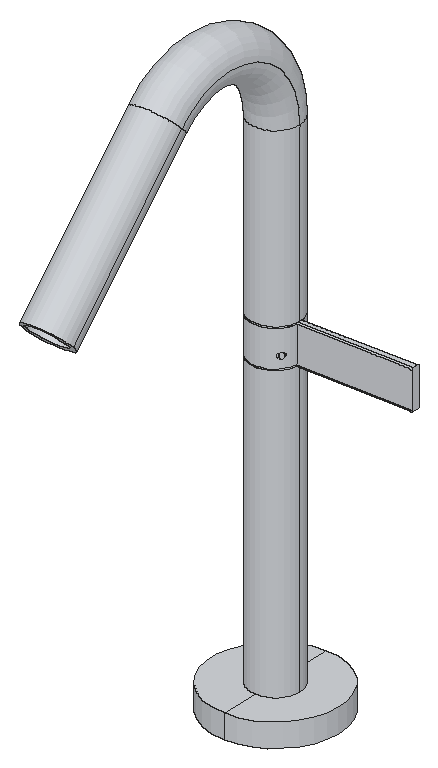
Revit family "Faucet-Lavatory-KOHLER-STILLNESS-K-985T", category Plumbing Fixtures, host Face, Revit 2017
Family settings
  Host = Face
  Round Connector Dimension = Use Diameter
  Part Type = Normal
  OmniClass Number = 23.31.11.00
  OmniClass Title = Faucets
  Cut with Voids When Loaded = No
  Shared = No
  Room Calculation Point = No
Parameters (values of type "CP-Polished Chrome")
  Width = 2 83/256"  # constant formula
  WaterSense Certified = 1 = 0  # no
  Waste Water Outlet = "Waste Water Outlet"  # constant formula
  Waste Connection = 1 = 0  # no
  Vent Connection = 1 = 0  # no
  URL = "http://www.kohler.com.cn/"
  Type = 1
  Spout Reach = 5 15/64"  # constant formula
  Product Page URL = "https://www.kohler.com.cn/product/K-985T-4-CP/K-985T-4-CP/"
  Product Name = "STILLNESS"  # constant formula
  Product Documentation Link = "https://files.kohler.com.cn/pdfs/979-985T-A.pdf"
  Pressure = 0.00 psi
  Model = "K-985T-4-CP"  # constant formula
  Material = "Premium Metal Construction"  # constant formula
  Master Format 2014 Name = "Residential Faucets, Supplies, and Trim"  # constant formula
  Master Format 2014 = "22 41 39"  # constant formula
  Manufacturer Address = "Kohler Beijing Office (100016) 36-2-03-B, No. 88, Liuxiang Road, Beijing"  # constant formula
  Manufacturer = "KOHLER Co."  # constant formula
  Length = Spout Reach  # 5 15/64"
  Hot Water Inlet = "Hot Water Inlet"  # constant formula
  Height = 11.65354"  # constant formula
  Handle Clearance = 2 143/256"  # constant formula
  HW Connection = 1 = 1  # yes
  Flow Rate = 0 GPM
  Finish = Kohler-Metal-CP-Polished_Chrome
  Environmental Product Declaration = ""
  Drain Included = 1 = 1  # yes
  Description = "single lever bowl mixer"  # constant formula
  Default Elevation = 36"
  Declare Label = ""
  Date Modified = "02/25/2021"  # constant formula
  Date Created = "02/25/2021"  # constant formula
  Copyright = "Copyright KOHLER Co."  # constant formula
  Contact Us = "http://www.kohler.com.cn/contact/contact-us/"
  Cold Water Inlet = "Cold Water Inlet"  # constant formula
  CW Connection = 1 = 1  # yes
  Assembly Code = "D2010"
  ADA Compliant = 1 = 0  # no
Reference planes (in)
  plane 1 "Center (Front/Back)": y = 0
  plane 2: z = 0
  plane 3 "Center (Left/Right)": x = 0
  plane 4: y = 1.1611
  plane 5: y = -1.1611
  plane 6: y = 0.45291
  plane 7: y = -0.45291
  plane 8: z = 8.32589
  plane 9: y = -5.23438
  plane 10: z = 11.65354
  plane 11: y = -5.52351
  plane 12: z = 0.43324
  plane 13: x = 1.16142
  plane 14: x = 0.75563
  plane 15: x = -0.75563
  plane 16: x = -1.1628
  plane 17: z = 5.77559
  plane 18: z = 6.48425
  plane 19: x = 2.55859
  plane 20: x = 0.45365
  plane 21: x = -0.45364
Dimensions and locks (in)
  "Height": plane 10 to level
  "Spout Reach": plane 1 "Center (Front/Back)" to plane 9
  "Width": plane 13 to plane 16
  "Handle Clearance": plane 19 to plane 3 "Center (Left/Right)"
  aligned and locked: plane 2 to host face
  aligned and locked: level to host face
Automatic sketch dimensions
  host sketch curve to host sketch curve = 96"  (x2)
Nested families (in)
  nested 1: "K-985T" at (0, 0, 0), type "K-985T"
Connectors (in)
  piping at (-0.75563, 0, 0), diameter 0.5, driven by "HW Connection", driven by "Hot Water Inlet"
    settings: on nested 1, index 1, connector inside diameter 24", connector length 0", flow factor 0, pipe flow 0 GPM, pressure drop 0.00 psi, fitting loss kfactor 0, connector angle 0.00°, fixture units 0, engagement length 0", angle of deflection 0.00°, flow configuration 0, flow direction 1, fitting loss method 0, system type 19, joint type 0, gender type 0, connector reference index -1, connector utility 1, adjustable connector no, is connector primary yes, connector description "Hot Water Inlet"
  piping at (0.75563, 0, 0), diameter 0.5, driven by "CW Connection", driven by "Cold Water Inlet"
    settings: on nested 1, index 2, connector inside diameter 24", connector length 0", flow factor 0, pipe flow 0 GPM, pressure drop 0.00 psi, fitting loss kfactor 0, connector angle 0.00°, fixture units 0, engagement length 0", angle of deflection 0.00°, flow configuration 0, flow direction 1, fitting loss method 0, system type 20, joint type 0, gender type 0, connector reference index -1, connector utility 1, adjustable connector no, is connector primary no, connector description "Cold Water Inlet"
Definition of nested family "K-985T"
  Parameters (values of type "K-985T")
    Material = none
  Reference planes (in)
    plane 1 "Center (Front/Back)": y = 0
    plane 2: z = 0
    plane 3 "Center (Left/Right)": x = 0
    plane 4: y = 1.1611
    plane 5: y = -1.1611
    plane 6: y = 0.45291
    plane 7: y = -0.45291
    plane 8: z = 0.43324
    plane 9: z = 8.32589
    plane 10: y = -5.23622
    plane 11: x = -1.16142
    plane 12: x = 1.16142
    plane 13: z = 11.65354
    plane 14: z = 6.48425
    plane 15: z = 5.77559
    plane 16: x = 2.55906
    plane 17: y = -5.52351
    plane 18: x = -0.75563
    plane 19: x = 0.75563
  Forms (in)
    Revolve 1, solid, material <- "Material", detail levels medium+fine
      sketch origin (0, 0, 0) x (0, 1, 0) y (0, 0, 1)
        loop
          line (0, 0) -> (1.1611, 0) -> (1.1611, 0.43324) -> (0, 0.43324) -> (0, 0)
        axis (0, 0.43324) -> (0, 0)
      angle from 0 to 360
    Sweep 2, solid, material <- "Material", detail levels medium+fine
      path origin (0, 0, 0) x (0, 1, 0) y (0, 0, 1)
        loop
          line (0, 0.43324) -> (0, 9.69396)
          arc (0, 9.69396) -> (-0.97215, 11.14889) -> (-2.68836, 10.80752) r 1.5748
          line (-2.68836, 10.80752) -> (-5.16999, 8.32589)
      profile origin (0, 0, 5.0636) x (0, -1, 0) y (1, 0, 0)
        loop
          circle (0, 0) r 0.45365
    Extrusion 3, void
      sketch origin (0, 4.22094, 5.91355) x (1, 0, 0) y (0, -0.706815, 0.707398)
        loop
          circle (-0.00746, 8.37156) r 0.37402
      from 4.29037 to 5.58741
    Extrusion 4, solid, material <- "Material", detail levels medium+fine
      sketch origin (0, 0, 0) x (0, 1, 0) y (0, 0, 1)
        loop
          arc (0.04865, 5.77559) -> (0.06297, 5.78152) -> (0.0689, 5.79584) r 0.02025
          line (0.0689, 5.79584) -> (0.0689, 6.4642)
          arc (0.0689, 6.4642) -> (0.06302, 6.47838) -> (0.04884, 6.48425) r 0.02006
          line (0.04884, 6.48425) -> (-0.04917, 6.48425)
          arc (-0.04917, 6.48425) -> (-0.06312, 6.47847) -> (-0.0689, 6.46453) r 0.01972
          line (-0.0689, 6.46453) -> (-0.0689, 5.79519)
          arc (-0.0689, 5.79519) -> (-0.06316, 5.78133) -> (-0.0493, 5.77559) r 0.0196
          line (-0.0493, 5.77559) -> (0.04865, 5.77559)
      from 0.24309 to 2.55906
    Revolve 5, void
      sketch origin (0, 0, 0) x (0, 1, 0) y (0, 0, 1)
        loop
          line (0.43676, 5.77079) -> (0.46889, 5.77079) -> (0.46889, 5.80232) -> (0.43676, 5.80232) -> (0.43676, 5.77079)
        axis (0, 5.80232) -> (0, 5.76295)
      angle from 0 to 360
    Revolve 6, void
      sketch origin (0, 0, 12.25971) x (0, 1, 0) y (0, 0, -1)
        loop
          line (0.43676, 5.76772) -> (0.46889, 5.76772) -> (0.46889, 5.79925) -> (0.43676, 5.79925) -> (0.43676, 5.76772)
        axis (0, 5.79925) -> (0, 5.75988)
      angle from 0 to 360
    Revolve 7, solid, material <- "Material", detail levels coarse
      sketch origin (0, 0, 0) x (0, 1, 0) y (0, 0, 1)
        loop
          line (0, 0) -> (1.1811, 0) -> (1.1811, 0.47153) -> (0, 0.47153) -> (0, 0)
        axis (0, 0.47153) -> (0, 0)
      angle from 0 to 360
    Sweep 8, solid, material <- "Material", detail levels coarse
      path origin (0, 0, 0) x (0, 1, 0) y (0, 0, 1)
        loop
          line (0, 0.43324) -> (0, 9.48836)
          arc (0, 9.48836) -> (-1.1667, 11.08366) -> (-3.04056, 10.45532) r 1.67404
          line (-3.04056, 10.45532) -> (-5.26767, 8.22821)
      profile origin (0, 0, 4.9608) x (0, -1, 0) y (1, 0, 0)
        loop
          circle (0, 0) r 0.48551
    Extrusion 9, solid, material <- "Material", detail levels coarse
      sketch origin (0, 0, 0) x (1, 0, 0) y (0, 0, 1)
        loop
          line (0.45697, 6.52912) -> (0.45697, 5.74171) -> (2.62232, 5.74171) -> (2.62232, 6.52912) -> (0.45697, 6.52912)
      from -0.0689 to 0.0689
    Extrusion 10, solid, material <- "Material"
      sketch origin (0, 0, 0) x (1, 0, 0) y (0, 1, 0)
        loop
          circle (-0.75563, 0) r 0.11332
      from 0 to 0.18618
    Extrusion 11, solid, material <- "Material"
      sketch origin (0, 0, 0) x (-1, 0, 0) y (0, -1, 0)
        loop
          circle (-0.75563, 0) r 0.11332
      from 0 to 0.18618
    Extrusion 12, solid
      sketch origin (0, 0, 0) x (0, 1, 0) y (0, 0, 1)
        loop
          circle (-0.28844, 6.01743) r 0.05364
      from 0.11629 to 0.38621
    Extrusion 13, solid
      sketch origin (0, 0, 0) x (0, -1, 0) y (0, 0, -1)
        loop
          circle (-0.28844, -6.01743) r 0.05364
      from 0.11629 to 0.38621
    Extrusion 14, void
      sketch origin (0, 0, 0) x (1, 0, 0) y (0, 1, 0)
        loop
          arc (0, 0.45365) -> (0.45365, 0) -> (0, -0.45365) r 0.45365
          line (0, -0.45365) -> (0.72288, -0.45365) -> (0.72288, 0.45365) -> (0, 0.45365)
      from 5.55915 to 7.02133
  Cuts and joins
    Extrusion 3, Revolve 5, Revolve 6 cuts Sweep 2
    Extrusion 14 cuts Extrusion 12
    Extrusion 14 cuts Extrusion 13
  Lines and regions (in)
    Masking region 1
      outline origin (0, 0, 0) x (0, 1, 0) y (0, 0, 1)
        loop
          line (1.1611, 0) -> (1.1611, 0.43324) -> (0.45291, 0.43324) -> (0.45291, 9.52525)
          arc (0.45291, 9.52525) -> (-0.20722, 11.06608) -> (-1.77812, 11.65106) r 2.1283
          arc (-1.77812, 11.65106) -> (-2.37286, 11.57854) -> (-2.87919, 11.25824) r 1.36447
          line (-2.87919, 11.25824) -> (-5.52388, 8.61355) -> (-5.23622, 8.32589) -> (-4.99681, 8.08648) -> (-2.71871, 10.36459)
          arc (-2.71871, 10.36459) -> (-1.29066, 10.66001) -> (-0.45291, 9.46637) r 1.32763
          line (-0.45291, 9.46637) -> (-0.45291, 0.43324) -> (-1.1611, 0.43324) -> (-1.1611, 0) -> (1.1611, 0)
    Masking region 2
      outline origin (0, 0, 0) x (1, 0, 0) y (0, 0, 1)
        loop
          line (0, 0) -> (1.1611, 0) -> (1.1611, 0.43324) -> (0.45365, 0.43324) -> (0.45365, 5.77559) -> (2.55906, 5.77559) -> (2.55906, 6.48425) -> (0.45365, 6.48425) -> (0.45365, 11.21848)
          arc (0.45365, 11.21848) -> (0.3196, 11.53275) -> (0, 11.65354) r 0.43545
          arc (0, 11.65354) -> (-0.3196, 11.53275) -> (-0.45365, 11.21848) r 0.43545
          line (-0.45365, 11.21848) -> (-0.45365, 5.77079) -> (-0.45365, 0.43324) -> (-1.1611, 0.43324) -> (-1.1611, 0) -> (0, 0)
    Masking region 3
      outline origin (0, 0, 0) x (1, 0, 0) y (0, 1, 0)
        loop
          arc (0, 1.1611) -> (-1.13775, 0.23171) -> (-0.45409, -1.06863) r 1.1611
          line (-0.45409, -1.06863) -> (-0.45409, -5.20267)
          spline (-0.45409, -5.20267) -> (-0.43819, -5.28569) -> (-0.39287, -5.36305) -> (-0.32078, -5.42949) -> (-0.22682, -5.48047) -> (-0.11741, -5.51251) -> (0, -5.52344) -> (0.11741, -5.51251) -> (0.22682, -5.48047) -> (0.32078, -5.42949) -> (0.39287, -5.36305) -> (0.43819, -5.28569) -> (0.45365, -5.20267)
          line (0.45365, -5.20267) -> (0.45409, -1.06884)
          arc (0.45409, -1.06884) -> (0.94997, -0.66947) -> (1.16142, -0.0689) r 1.16362
          line (1.16142, -0.0689) -> (2.55906, -0.0689) -> (2.55906, 0.06894) -> (1.16142, 0.06894)
          arc (1.16142, 0.06894) -> (0.79714, 0.84517) -> (0, 1.1611) r 1.16362
    symbolic lines, detail levels medium+fine
      curve 1: arc (-0.45365, 0, 0) -> (-0.03457, 0.45233, 0) -> (0.44838, 0.06894, 0) r 0.45365
      curve 2: line (1.16142, 0.06894, 0) -> (0.44838, 0.06894, 0)
      curve 3: line (1.16142, -0.0689, 0) -> (0.45409, -0.0689, 0)
      curve 4: line (-0.45409, -1.06863, 0) -> (-0.45409, 0, 0)
      curve 5: line (0.45409, -1.06884, 0) -> (0.45409, -0.0689, 0)
      curve 6: arc (0.44838, 0.06894, 0) -> (0.45507, 0.00018, 0) -> (0.45409, -0.0689, 0) r 0.62185
      curve 7: line (0, 0, 0.43324) -> (-1.1611, 0, 0.43324)
      curve 8: line (1.1611, 0, 0.43324) -> (0, 0, 0.43324)
      curve 9: line (0.45365, 0, 5.80232) -> (0, 0, 5.80232)
      curve 10: line (0, 0, 5.80232) -> (-0.45365, 0, 5.80232)
      curve 11: line (0.45365, 0, 5.77079) -> (0, 0, 5.77079)
      curve 12: line (0.43579, 0, 5.80232) -> (0.43579, 0, 5.77079)
      curve 13: line (-0.43704, 0, 5.80232) -> (-0.43704, 0, 5.77079)
      curve 14: line (0, 0, 5.77079) -> (-0.45365, 0, 5.77079)
      curve 15: line (0.45365, 0, 5.80232) -> (0.45365, 0, 6.46047)
      curve 16: line (0.45365, 0, 6.46047) -> (-0.45365, 0, 6.46047)
      curve 17: line (0, 0, 6.492) -> (-0.45365, 0, 6.492)
      curve 18: line (-0.43671, 0, 6.492) -> (-0.43671, 0, 6.46047)
      curve 19: line (0.45365, 0, 6.492) -> (0, 0, 6.492)
      curve 20: line (0.43706, 0, 6.46047) -> (0.43706, 0, 6.492)
      curve 21: line (0.45365, 0, 5.77559) -> (0.45365, 0, 5.81808)
      curve 22: line (0.45365, 0, 6.492) -> (0.45365, 0, 6.446)
      curve 23: spline (0.45365, 0, 8.32589) -> (0.43819, 0, 8.40891) -> (0.39287, 0, 8.48628) -> (0.32078, 0, 8.55271) -> (0.22682, 0, 8.60369) -> (0.11741, 0, 8.63574) -> (0, 0, 8.64667) -> (-0.11741, 0, 8.63574) -> (-0.22682, 0, 8.60369) -> (-0.32078, 0, 8.55271) -> (-0.39287, 0, 8.48628) -> (-0.43819, 0, 8.40891) -> (-0.45365, 0, 8.32589)
      curve 24: spline (-0.45365, 0, 8.32589) -> (-0.43819, 0, 8.24287) -> (-0.39287, 0, 8.1655) -> (-0.32078, 0, 8.09907) -> (-0.22682, 0, 8.04809) -> (-0.11741, 0, 8.01604) -> (0, 0, 8.00511) -> (0.11741, 0, 8.01604) -> (0.22682, 0, 8.04809) -> (0.32078, 0, 8.09907) -> (0.39287, 0, 8.1655) -> (0.43819, 0, 8.24287) -> (0.45365, 0, 8.32589)
      curve 25: spline (0.36655, 0, 8.32068) -> (0.35386, 0, 8.2522) -> (0.31653, 0, 8.18837) -> (0.2571, 0, 8.13355) -> (0.17962, 0, 8.09149) -> (0.08938, 0, 8.06504) -> (-0.00746, 0, 8.05602) -> (-0.10431, 0, 8.06504) -> (-0.19455, 0, 8.09149) -> (-0.27203, 0, 8.13355) -> (-0.33146, 0, 8.18837) -> (-0.36879, 0, 8.2522) -> (-0.38148, 0, 8.32068)
      curve 26: spline (-0.38148, 0, 8.32068) -> (-0.36868, 0, 8.38909) -> (-0.33128, 0, 8.45284) -> (-0.27184, 0, 8.50757) -> (-0.1944, 0, 8.54956) -> (-0.10422, 0, 8.57596) -> (-0.00746, 0, 8.58496) -> (0.0893, 0, 8.57596) -> (0.17947, 0, 8.54956) -> (0.25691, 0, 8.50757) -> (0.31635, 0, 8.45284) -> (0.35375, 0, 8.38909) -> (0.36655, 0, 8.32068)
      curve 27: line (0, 1.1611, 0.43324) -> (0, -1.1611, 0.43324)
      curve 28: line (0, 0.45365, 5.77079) -> (0, -0.45365, 5.77079)
      curve 29: line (0, 0.45365, 5.80232) -> (0, -0.45365, 5.80232)
      curve 30: line (0, 0.43676, 5.80232) -> (0, 0.43676, 5.77079)
      curve 31: line (0, -0.43676, 5.80232) -> (0, -0.43676, 5.77079)
      curve 32: line (0, 0.45365, 6.492) -> (0, -0.45365, 6.492)
      curve 33: line (0, 0.45365, 6.46047) -> (0, -0.45365, 6.46047)
      curve 34: line (0, 0.43676, 6.492) -> (0, 0.43676, 6.46047)
      curve 35: line (0, -0.43676, 6.492) -> (0, -0.43676, 6.46047)
      curve 36: line (0.38621, 0, 5.96379) -> (0.38621, 0, 6.07108)
      curve 37: line (0.38621, 0, 6.07108) -> (0.2838, 0, 6.07108)
      curve 38: line (0.2838, 0, 6.07108) -> (0.2838, 0, 5.96379)
      curve 39: line (0.2838, 0, 5.96379) -> (0.38621, 0, 5.96379)
  Dimensions and locks (in)
    plane 4 to plane 5 = 2.32221"
    plane 1 "Center (Front/Back)" to plane 10 = 5.23622"
    plane 9 to level = 8.32589"
    level to plane 13 = 11.65354"
    plane 15 to level = 5.77559"
    plane 14 to level = 6.48425"
    plane 16 to plane 3 "Center (Left/Right)" = 2.55906"
    plane 11 to plane 12 = 2.32284"
    aligned and locked: level to plane 2
